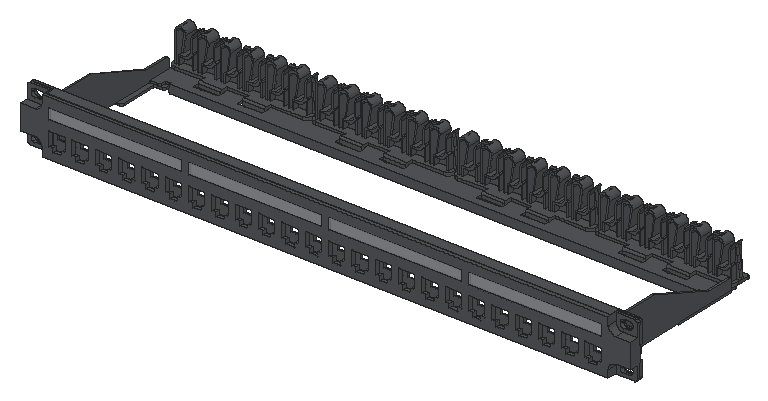
Revit family "Panel de interconexión", category Equipement spécialisé, Revit 2020 (continued)
Dimensions and locks
  aligned and locked: Extrusion 160 sketch curve to plane 642
  aligned and locked: Extrusion 160 sketch curve to plane 638
  aligned and locked: plane 639 to Extrusion 160 sketch curve
  aligned and locked: Extrusion 160 sketch curve to plane 640
  aligned and locked: Extrusion 160 sketch curve to plane 636
  aligned and locked: Extrusion 160 sketch curve to plane 635
  aligned and locked: Extrusion 160 sketch curve to Extrusion 160 sketch curve
  aligned and locked: plane 647 to Extrusion 161 sketch curve
  aligned and locked: Extrusion 161 sketch curve to plane 650
  aligned and locked: Extrusion 161 sketch curve to plane 656
  aligned and locked: Extrusion 161 sketch curve to plane 655
  aligned and locked: Extrusion 161 sketch curve to plane 651
  aligned and locked: plane 652 to Extrusion 161 sketch curve
  aligned and locked: Extrusion 161 sketch curve to plane 653
  aligned and locked: Extrusion 161 sketch curve to plane 649
  aligned and locked: Extrusion 161 sketch curve to plane 648
  aligned and locked: Extrusion 161 sketch curve to Extrusion 161 sketch curve
  aligned and locked: plane 660 to Extrusion 162 sketch curve
  aligned and locked: Extrusion 162 sketch curve to plane 663
  aligned and locked: Extrusion 162 sketch curve to plane 669
  aligned and locked: Extrusion 162 sketch curve to plane 668
  aligned and locked: Extrusion 162 sketch curve to plane 664
  aligned and locked: plane 665 to Extrusion 162 sketch curve
  aligned and locked: Extrusion 162 sketch curve to plane 666
  aligned and locked: Extrusion 162 sketch curve to plane 662
  aligned and locked: Extrusion 162 sketch curve to plane 661
  aligned and locked: Extrusion 162 sketch curve to Extrusion 162 sketch curve
  aligned and locked: plane 673 to Extrusion 163 sketch curve
  aligned and locked: Extrusion 163 sketch curve to plane 676
  aligned and locked: Extrusion 163 sketch curve to plane 682
  aligned and locked: Extrusion 163 sketch curve to plane 681
  aligned and locked: Extrusion 163 sketch curve to plane 677
  aligned and locked: plane 678 to Extrusion 163 sketch curve
  aligned and locked: Extrusion 163 sketch curve to plane 679
  aligned and locked: Extrusion 163 sketch curve to plane 675
  aligned and locked: Extrusion 163 sketch curve to plane 674
  aligned and locked: Extrusion 163 sketch curve to Extrusion 163 sketch curve
  aligned and locked: Extrusion 164 sketch curve to Extrusion 158  (x10)
  aligned and locked: Extrusion 158 to Extrusion 164 sketch curve
  aligned and locked: Extrusion 160 to Extrusion 166 sketch curve
  aligned and locked: Extrusion 167 to Extrusion 161
  aligned and locked: Extrusion 162 to Extrusion 168 sketch curve
  aligned and locked: Extrusion 169 to Extrusion 163
  aligned and locked: plane 685 to Extrusion 158
  aligned and locked: plane 685 to Extrusion 170 sketch curve
  aligned and locked: plane 686 to Extrusion 171 sketch curve
  aligned and locked: plane 687 to Extrusion 172 sketch curve
  aligned and locked: plane 688 to Extrusion 173 sketch curve
  aligned and locked: plane 689 to Extrusion 174 sketch curve
  aligned and locked: Extrusion 175 sketch curve to plane 690
  aligned and locked: plane 692 to Extrusion 175 sketch curve
  aligned and locked: plane 691 to Extrusion 175 sketch curve
  aligned and locked: Extrusion 175 sketch curve to plane 693
  aligned and locked: plane 694 to Extrusion 178 sketch curve
  aligned and locked: plane 696 to Extrusion 175
  aligned and locked: plane 695 to Extrusion 178 sketch curve
  aligned and locked: Extrusion 179 sketch curve to plane 698
  aligned and locked: Extrusion 179 sketch curve to plane 699
  aligned and locked: Extrusion 178 to Extrusion 179 sketch curve  (x2)
  aligned and locked: plane 701 to Extrusion 180 sketch curve
  aligned and locked: Extrusion 180 to Extrusion 178
  aligned and locked: Extrusion 181 sketch curve to plane 702
  aligned and locked: plane 703 to Extrusion 181 sketch curve
  aligned and locked: plane 705 to Extrusion 182 sketch curve
  aligned and locked: Extrusion 182 sketch curve to plane 706
  aligned and locked: Extrusion 181 to Extrusion 182 sketch curve  (x2)
  aligned and locked: Extrusion 183 sketch curve to plane 708
  aligned and locked: Extrusion 183 to Extrusion 181
  aligned and locked: plane 710 to Extrusion 184 sketch curve
  aligned and locked: Extrusion 184 sketch curve to plane 713
  aligned and locked: Extrusion 184 sketch curve to plane 719
  aligned and locked: Extrusion 184 sketch curve to plane 718
  aligned and locked: Extrusion 184 sketch curve to plane 714
  aligned and locked: plane 715 to Extrusion 184 sketch curve
  aligned and locked: Extrusion 184 sketch curve to plane 716
  aligned and locked: Extrusion 184 sketch curve to plane 712
  aligned and locked: Extrusion 184 sketch curve to plane 711
  aligned and locked: Extrusion 184 sketch curve to Extrusion 184 sketch curve
  aligned and locked: plane 723 to Extrusion 185 sketch curve
  aligned and locked: Extrusion 185 sketch curve to plane 726
  aligned and locked: Extrusion 185 sketch curve to plane 732
  aligned and locked: Extrusion 185 sketch curve to plane 731
  aligned and locked: Extrusion 185 sketch curve to plane 727
  aligned and locked: plane 728 to Extrusion 185 sketch curve
  aligned and locked: Extrusion 185 sketch curve to plane 729
  aligned and locked: Extrusion 185 sketch curve to plane 725
  aligned and locked: Extrusion 185 sketch curve to plane 724
  aligned and locked: Extrusion 185 sketch curve to Extrusion 185 sketch curve
  aligned and locked: plane 736 to Extrusion 186 sketch curve
  aligned and locked: Extrusion 186 sketch curve to plane 739
  aligned and locked: Extrusion 186 sketch curve to plane 745
  aligned and locked: Extrusion 186 sketch curve to plane 744
  aligned and locked: Extrusion 186 sketch curve to plane 740
  aligned and locked: plane 741 to Extrusion 186 sketch curve
  aligned and locked: Extrusion 186 sketch curve to plane 742
  aligned and locked: Extrusion 186 sketch curve to plane 738
  aligned and locked: Extrusion 186 sketch curve to plane 737
  aligned and locked: Extrusion 186 sketch curve to Extrusion 186 sketch curve
  aligned and locked: plane 749 to Extrusion 187 sketch curve
  aligned and locked: Extrusion 187 sketch curve to plane 752
  aligned and locked: Extrusion 187 sketch curve to plane 758
  aligned and locked: Extrusion 187 sketch curve to plane 757
  aligned and locked: Extrusion 187 sketch curve to plane 753
  aligned and locked: plane 754 to Extrusion 187 sketch curve
  aligned and locked: Extrusion 187 sketch curve to plane 755
  aligned and locked: Extrusion 187 sketch curve to plane 751
  aligned and locked: Extrusion 187 sketch curve to plane 750
  aligned and locked: Extrusion 187 sketch curve to Extrusion 187 sketch curve
  aligned and locked: plane 762 to Extrusion 188 sketch curve
  aligned and locked: Extrusion 188 sketch curve to plane 765
  aligned and locked: Extrusion 188 sketch curve to plane 771
  aligned and locked: Extrusion 188 sketch curve to plane 770
  aligned and locked: Extrusion 188 sketch curve to plane 766
  aligned and locked: plane 767 to Extrusion 188 sketch curve
  aligned and locked: Extrusion 188 sketch curve to plane 768
  aligned and locked: Extrusion 188 sketch curve to plane 764
  aligned and locked: Extrusion 188 sketch curve to plane 763
  aligned and locked: Extrusion 188 sketch curve to Extrusion 188 sketch curve
  aligned and locked: plane 775 to Extrusion 189 sketch curve
  aligned and locked: Extrusion 189 sketch curve to plane 778
  aligned and locked: Extrusion 189 sketch curve to plane 784
  aligned and locked: Extrusion 189 sketch curve to plane 783
  aligned and locked: Extrusion 189 sketch curve to plane 779
  aligned and locked: plane 780 to Extrusion 189 sketch curve
  aligned and locked: Extrusion 189 sketch curve to plane 781
  aligned and locked: Extrusion 189 sketch curve to plane 777
  aligned and locked: Extrusion 189 sketch curve to plane 776
  aligned and locked: Extrusion 189 sketch curve to Extrusion 189 sketch curve
  aligned and locked: Extrusion 190 sketch curve to Extrusion 184  (x10)
  aligned and locked: Extrusion 184 to Extrusion 190 sketch curve
  aligned and locked: Extrusion 186 to Extrusion 192 sketch curve
  aligned and locked: Extrusion 193 to Extrusion 187
  aligned and locked: Extrusion 188 to Extrusion 194 sketch curve
  aligned and locked: Extrusion 195 to Extrusion 189
  aligned and locked: plane 787 to Extrusion 184
  aligned and locked: plane 787 to Extrusion 196 sketch curve
  aligned and locked: plane 788 to Extrusion 197 sketch curve
  aligned and locked: plane 789 to Extrusion 198 sketch curve
  aligned and locked: plane 790 to Extrusion 199 sketch curve
  aligned and locked: plane 791 to Extrusion 200 sketch curve
  aligned and locked: Extrusion 201 sketch curve to cut or joined group of Extrusion 31, Extrusion 32, Extrusion 33, Extrusion 34, Extrusion 35, Extrusion 36, Extrusion 37, Extrusion 38, Extrusion 39, Extrusion 40, Extrusion 41, Extrusion 42, Extrusion 43, Extrusion 44, Extrusion 45, Extrusion 46, Extrusion 47, Extrusion 48, Extrusion 49, Extrusion 50, Extrusion 51, Extrusion 52, Extrusion 53, Extrusion 54, Extrusion 55, Extrusion 56, Extrusion 57, Extrusion 58, Extrusion 59, Extrusion 60, Extrusion 61, Extrusion 62  (x16)
  aligned and locked: Extrusion 201 to cut or joined group of Extrusion 1, Extrusion 2, Extrusion 3, Extrusion 4, Extrusion 5, Extrusion 6, Extrusion 7, Extrusion 8, Extrusion 9, Extrusion 10, Extrusion 11, Extrusion 12, Extrusion 13, Extrusion 14, Extrusion 15, Extrusion 16, Extrusion 17, Extrusion 18, Extrusion 19, Extrusion 20, Extrusion 21, Extrusion 22, Extrusion 23, Extrusion 24, Extrusion 25, Extrusion 26, Extrusion 27, Extrusion 28, Extrusion 29, Extrusion 30, Extrusion 32
Automatic sketch dimensions
  Extrusion 7 sketch curve to Extrusion 7 sketch curve = 5.4 mm
  Extrusion 7 sketch curve to Extrusion 7 sketch curve = 4 mm
  Extrusion 7 sketch curve to Extrusion 7 sketch curve = 14.8 mm
  Extrusion 7 sketch curve to Extrusion 7 sketch curve = 20.6 mm
  Extrusion 7 sketch curve to Extrusion 7 sketch curve = 0 mm
  Extrusion 7 sketch curve to Extrusion 7 sketch curve = 2.1 mm
  Extrusion 8 sketch curve to Extrusion 8 sketch curve = 5.4 mm
  Extrusion 8 sketch curve to Extrusion 8 sketch curve = 4 mm
  Extrusion 8 sketch curve to Extrusion 8 sketch curve = 14.8 mm
  Extrusion 8 sketch curve to Extrusion 8 sketch curve = 20.6 mm
  Extrusion 8 sketch curve to Extrusion 8 sketch curve = 0 mm
  Extrusion 8 sketch curve to Extrusion 8 sketch curve = 2.1 mm
  Extrusion 9 sketch curve to Extrusion 9 sketch curve = 5.4 mm
  Extrusion 9 sketch curve to Extrusion 9 sketch curve = 4 mm
  Extrusion 9 sketch curve to Extrusion 9 sketch curve = 14.8 mm
  Extrusion 9 sketch curve to Extrusion 9 sketch curve = 20.6 mm
  Extrusion 9 sketch curve to Extrusion 9 sketch curve = 0 mm
  Extrusion 9 sketch curve to Extrusion 9 sketch curve = 2.1 mm
  Extrusion 10 sketch curve to Extrusion 10 sketch curve = 5.4 mm
  Extrusion 10 sketch curve to Extrusion 10 sketch curve = 4 mm
  Extrusion 10 sketch curve to Extrusion 10 sketch curve = 14.8 mm
  Extrusion 10 sketch curve to Extrusion 10 sketch curve = 20.6 mm
  Extrusion 10 sketch curve to Extrusion 10 sketch curve = 0 mm
  Extrusion 10 sketch curve to Extrusion 10 sketch curve = 2.1 mm
  Extrusion 11 sketch curve to Extrusion 11 sketch curve = 5.4 mm
  Extrusion 11 sketch curve to Extrusion 11 sketch curve = 4 mm
  Extrusion 11 sketch curve to Extrusion 11 sketch curve = 14.8 mm
  Extrusion 11 sketch curve to Extrusion 11 sketch curve = 20.6 mm
  Extrusion 11 sketch curve to Extrusion 11 sketch curve = 0 mm
  Extrusion 11 sketch curve to Extrusion 11 sketch curve = 2.1 mm
  Extrusion 12 sketch curve to Extrusion 12 sketch curve = 5.4 mm
  Extrusion 12 sketch curve to Extrusion 12 sketch curve = 4 mm
  Extrusion 12 sketch curve to Extrusion 12 sketch curve = 14.8 mm
  Extrusion 12 sketch curve to Extrusion 12 sketch curve = 20.6 mm
  Extrusion 12 sketch curve to Extrusion 12 sketch curve = 0 mm
  Extrusion 12 sketch curve to Extrusion 12 sketch curve = 2.1 mm
  Extrusion 13 sketch curve to Extrusion 13 sketch curve = 5.4 mm
  Extrusion 13 sketch curve to Extrusion 13 sketch curve = 4 mm
  Extrusion 13 sketch curve to Extrusion 13 sketch curve = 14.8 mm
  Extrusion 13 sketch curve to Extrusion 13 sketch curve = 20.6 mm
  Extrusion 13 sketch curve to Extrusion 13 sketch curve = 0 mm
  Extrusion 13 sketch curve to Extrusion 13 sketch curve = 2.1 mm
  Extrusion 14 sketch curve to Extrusion 14 sketch curve = 5.4 mm
  Extrusion 14 sketch curve to Extrusion 14 sketch curve = 4 mm
  Extrusion 14 sketch curve to Extrusion 14 sketch curve = 14.8 mm
  Extrusion 14 sketch curve to Extrusion 14 sketch curve = 20.6 mm
  Extrusion 14 sketch curve to Extrusion 14 sketch curve = 0 mm
  Extrusion 14 sketch curve to Extrusion 14 sketch curve = 2.1 mm
  Extrusion 15 sketch curve to Extrusion 15 sketch curve = 5.4 mm
  Extrusion 15 sketch curve to Extrusion 15 sketch curve = 4 mm
  Extrusion 15 sketch curve to Extrusion 15 sketch curve = 14.8 mm
  Extrusion 15 sketch curve to Extrusion 15 sketch curve = 20.6 mm
  Extrusion 15 sketch curve to Extrusion 15 sketch curve = 0 mm
  Extrusion 15 sketch curve to Extrusion 15 sketch curve = 2.1 mm
  Extrusion 16 sketch curve to Extrusion 16 sketch curve = 5.4 mm
  Extrusion 16 sketch curve to Extrusion 16 sketch curve = 4 mm
  Extrusion 16 sketch curve to Extrusion 16 sketch curve = 14.8 mm
  Extrusion 16 sketch curve to Extrusion 16 sketch curve = 20.6 mm
  Extrusion 16 sketch curve to Extrusion 16 sketch curve = 0 mm
  Extrusion 16 sketch curve to Extrusion 16 sketch curve = 2.1 mm
  Extrusion 17 sketch curve to Extrusion 17 sketch curve = 5.4 mm
  Extrusion 17 sketch curve to Extrusion 17 sketch curve = 4 mm
  Extrusion 17 sketch curve to Extrusion 17 sketch curve = 14.8 mm
  Extrusion 17 sketch curve to Extrusion 17 sketch curve = 20.6 mm
  Extrusion 17 sketch curve to Extrusion 17 sketch curve = 0 mm
  Extrusion 17 sketch curve to Extrusion 17 sketch curve = 2.1 mm
  Extrusion 18 sketch curve to Extrusion 18 sketch curve = 5.4 mm
  Extrusion 18 sketch curve to Extrusion 18 sketch curve = 4 mm
  Extrusion 18 sketch curve to Extrusion 18 sketch curve = 14.8 mm
  Extrusion 18 sketch curve to Extrusion 18 sketch curve = 20.6 mm
  Extrusion 18 sketch curve to Extrusion 18 sketch curve = 0 mm
  Extrusion 18 sketch curve to Extrusion 18 sketch curve = 2.1 mm
  Extrusion 19 sketch curve to Extrusion 19 sketch curve = 5.4 mm
  Extrusion 19 sketch curve to Extrusion 19 sketch curve = 4 mm
  Extrusion 19 sketch curve to Extrusion 19 sketch curve = 14.8 mm
  Extrusion 19 sketch curve to Extrusion 19 sketch curve = 20.6 mm
  Extrusion 19 sketch curve to Extrusion 19 sketch curve = 0 mm
  Extrusion 19 sketch curve to Extrusion 19 sketch curve = 2.1 mm
  Extrusion 20 sketch curve to Extrusion 20 sketch curve = 5.4 mm
  Extrusion 20 sketch curve to Extrusion 20 sketch curve = 4 mm
  Extrusion 20 sketch curve to Extrusion 20 sketch curve = 14.8 mm
  Extrusion 20 sketch curve to Extrusion 20 sketch curve = 20.6 mm
  Extrusion 20 sketch curve to Extrusion 20 sketch curve = 0 mm
  Extrusion 20 sketch curve to Extrusion 20 sketch curve = 2.1 mm
  Extrusion 21 sketch curve to Extrusion 21 sketch curve = 5.4 mm
  Extrusion 21 sketch curve to Extrusion 21 sketch curve = 4 mm
  Extrusion 21 sketch curve to Extrusion 21 sketch curve = 14.8 mm
  Extrusion 21 sketch curve to Extrusion 21 sketch curve = 20.6 mm
  Extrusion 21 sketch curve to Extrusion 21 sketch curve = 0 mm
  Extrusion 21 sketch curve to Extrusion 21 sketch curve = 2.1 mm
  Extrusion 22 sketch curve to Extrusion 22 sketch curve = 5.4 mm
  Extrusion 22 sketch curve to Extrusion 22 sketch curve = 4 mm
  Extrusion 22 sketch curve to Extrusion 22 sketch curve = 14.8 mm
  Extrusion 22 sketch curve to Extrusion 22 sketch curve = 20.6 mm
  Extrusion 22 sketch curve to Extrusion 22 sketch curve = 0 mm
  Extrusion 22 sketch curve to Extrusion 22 sketch curve = 2.1 mm
  Extrusion 23 sketch curve to Extrusion 23 sketch curve = 5.4 mm
  Extrusion 23 sketch curve to Extrusion 23 sketch curve = 4 mm
  Extrusion 23 sketch curve to Extrusion 23 sketch curve = 14.8 mm
  Extrusion 23 sketch curve to Extrusion 23 sketch curve = 20.6 mm
  Extrusion 23 sketch curve to Extrusion 23 sketch curve = 0 mm
  Extrusion 23 sketch curve to Extrusion 23 sketch curve = 2.1 mm
  Extrusion 24 sketch curve to Extrusion 24 sketch curve = 5.4 mm
  Extrusion 24 sketch curve to Extrusion 24 sketch curve = 4 mm
  Extrusion 24 sketch curve to Extrusion 24 sketch curve = 14.8 mm
  Extrusion 24 sketch curve to Extrusion 24 sketch curve = 20.6 mm
  Extrusion 24 sketch curve to Extrusion 24 sketch curve = 0 mm
  Extrusion 24 sketch curve to Extrusion 24 sketch curve = 2.1 mm
  Extrusion 25 sketch curve to Extrusion 25 sketch curve = 5.4 mm
  Extrusion 25 sketch curve to Extrusion 25 sketch curve = 4 mm
  Extrusion 25 sketch curve to Extrusion 25 sketch curve = 14.8 mm
  Extrusion 25 sketch curve to Extrusion 25 sketch curve = 20.6 mm
  Extrusion 25 sketch curve to Extrusion 25 sketch curve = 0 mm
  Extrusion 25 sketch curve to Extrusion 25 sketch curve = 2.1 mm
  Extrusion 26 sketch curve to Extrusion 26 sketch curve = 5.4 mm
  Extrusion 26 sketch curve to Extrusion 26 sketch curve = 4 mm
  Extrusion 26 sketch curve to Extrusion 26 sketch curve = 14.8 mm
  Extrusion 26 sketch curve to Extrusion 26 sketch curve = 20.6 mm
  Extrusion 26 sketch curve to Extrusion 26 sketch curve = 0 mm
  Extrusion 26 sketch curve to Extrusion 26 sketch curve = 2.1 mm
  Extrusion 27 sketch curve to Extrusion 27 sketch curve = 5.4 mm
  Extrusion 27 sketch curve to Extrusion 27 sketch curve = 4 mm
  Extrusion 27 sketch curve to Extrusion 27 sketch curve = 14.8 mm
  Extrusion 27 sketch curve to Extrusion 27 sketch curve = 20.6 mm
  Extrusion 27 sketch curve to Extrusion 27 sketch curve = 0 mm
  Extrusion 27 sketch curve to Extrusion 27 sketch curve = 2.1 mm
  Extrusion 28 sketch curve to Extrusion 28 sketch curve = 5.4 mm
  Extrusion 28 sketch curve to Extrusion 28 sketch curve = 4 mm
  Extrusion 28 sketch curve to Extrusion 28 sketch curve = 14.8 mm
  Extrusion 28 sketch curve to Extrusion 28 sketch curve = 20.6 mm
  Extrusion 28 sketch curve to Extrusion 28 sketch curve = 0 mm
  Extrusion 28 sketch curve to Extrusion 28 sketch curve = 2.1 mm
  Extrusion 29 sketch curve to Extrusion 29 sketch curve = 5.4 mm
  Extrusion 29 sketch curve to Extrusion 29 sketch curve = 4 mm
  Extrusion 29 sketch curve to Extrusion 29 sketch curve = 14.8 mm
  Extrusion 29 sketch curve to Extrusion 29 sketch curve = 20.6 mm
  Extrusion 29 sketch curve to Extrusion 29 sketch curve = 0 mm
  Extrusion 29 sketch curve to Extrusion 29 sketch curve = 2.1 mm
  Extrusion 30 sketch curve to Extrusion 30 sketch curve = 5.4 mm
  Extrusion 30 sketch curve to Extrusion 30 sketch curve = 4 mm
  Extrusion 30 sketch curve to Extrusion 30 sketch curve = 14.8 mm
  Extrusion 30 sketch curve to Extrusion 30 sketch curve = 20.6 mm
  Extrusion 30 sketch curve to Extrusion 30 sketch curve = 0 mm
  Extrusion 30 sketch curve to Extrusion 30 sketch curve = 2.1 mm
  plane 51 to Extrusion 35 sketch curve = 3.2 mm  (x2)
  plane 57 to Extrusion 36 sketch curve = 3.2 mm  (x2)
  plane 63 to Extrusion 37 sketch curve = 3.2 mm  (x2)
  plane 69 to Extrusion 38 sketch curve = 3.2 mm  (x2)
  plane 75 to Extrusion 39 sketch curve = 3.2 mm  (x2)
  plane 81 to Extrusion 40 sketch curve = 3.2 mm  (x2)
  plane 87 to Extrusion 41 sketch curve = 3.2 mm  (x2)
  plane 93 to Extrusion 42 sketch curve = 3.2 mm  (x2)
  plane 99 to Extrusion 43 sketch curve = 3.2 mm  (x2)
  plane 105 to Extrusion 44 sketch curve = 3.2 mm  (x2)
  plane 111 to Extrusion 45 sketch curve = 3.2 mm  (x2)
  plane 117 to Extrusion 46 sketch curve = 3.2 mm  (x2)
  plane 123 to Extrusion 47 sketch curve = 3.2 mm  (x2)
  plane 129 to Extrusion 48 sketch curve = 3.2 mm  (x2)
  plane 135 to Extrusion 49 sketch curve = 3.2 mm  (x2)
  plane 141 to Extrusion 50 sketch curve = 3.2 mm  (x2)
  plane 147 to Extrusion 51 sketch curve = 3.2 mm  (x2)
  plane 153 to Extrusion 52 sketch curve = 3.2 mm  (x2)
  plane 159 to Extrusion 53 sketch curve = 3.2 mm  (x2)
  plane 165 to Extrusion 54 sketch curve = 3.2 mm  (x2)
  plane 171 to Extrusion 55 sketch curve = 3.2 mm  (x2)
  plane 177 to Extrusion 56 sketch curve = 3.2 mm  (x2)
  plane 183 to Extrusion 57 sketch curve = 3.2 mm  (x2)
  plane 189 to Extrusion 58 sketch curve = 3.2 mm  (x2)
  Extrusion 106 sketch curve to Extrusion 106 sketch curve = 0 mm  (x2)
  Extrusion 106 sketch curve to plane 402 = 0 mm
  Extrusion 106 sketch curve to plane 404 = 0 mm
  plane 404 to Extrusion 106 sketch curve = 0 mm
  Extrusion 106 sketch curve to plane 408 = 0 mm  (x2)
  plane 412 to Extrusion 106 sketch curve = 0.3 mm
  Extrusion 106 sketch curve to plane 402 = 0.36 mm
  plane 404 to Extrusion 106 sketch curve = 0.2 mm
  Extrusion 106 sketch curve to plane 404 = 0.3 mm
  plane 408 to Extrusion 106 sketch curve = 0.465 mm
  Extrusion 106 sketch curve to plane 401 = 0.42 mm
  Extrusion 106 sketch curve to Extrusion 106 sketch curve = 1.189 mm
  Extrusion 106 sketch curve to plane 409 = 0.2 mm
  Extrusion 106 sketch curve to Extrusion 106 sketch curve = 1.215 mm
  plane 409 to Extrusion 106 sketch curve = 4.3 mm
  plane 412 to Extrusion 106 sketch curve = 1 mm  (x2)
  plane 409 to Extrusion 106 sketch curve = 3.8 mm
  Extrusion 106 sketch curve to Extrusion 106 sketch curve = 1.2 mm
  Extrusion 106 sketch curve to Extrusion 106 sketch curve = 0.1 mm
  Extrusion 106 sketch curve to plane 412 = 1.163 mm
  Extrusion 106 sketch curve to plane 410 = 5.8 mm  (x2)
  Extrusion 107 sketch curve to Extrusion 107 sketch curve = 0 mm  (x2)
  Extrusion 107 sketch curve to plane 415 = 0 mm
  Extrusion 107 sketch curve to plane 417 = 0 mm
  plane 417 to Extrusion 107 sketch curve = 0 mm
  Extrusion 107 sketch curve to plane 421 = 0 mm  (x2)
  plane 425 to Extrusion 107 sketch curve = 0.3 mm
  Extrusion 107 sketch curve to plane 415 = 0.36 mm
  plane 417 to Extrusion 107 sketch curve = 0.2 mm
  Extrusion 107 sketch curve to plane 417 = 0.3 mm
  plane 421 to Extrusion 107 sketch curve = 0.465 mm
  Extrusion 107 sketch curve to plane 414 = 0.42 mm
  Extrusion 107 sketch curve to Extrusion 107 sketch curve = 1.189 mm
  Extrusion 107 sketch curve to plane 422 = 0.2 mm
  Extrusion 107 sketch curve to Extrusion 107 sketch curve = 1.215 mm
  plane 422 to Extrusion 107 sketch curve = 4.3 mm
  plane 425 to Extrusion 107 sketch curve = 1 mm  (x2)
  plane 422 to Extrusion 107 sketch curve = 3.8 mm
  Extrusion 107 sketch curve to Extrusion 107 sketch curve = 1.2 mm
  Extrusion 107 sketch curve to Extrusion 107 sketch curve = 0.1 mm
  Extrusion 107 sketch curve to plane 425 = 1.163 mm
  Extrusion 107 sketch curve to plane 423 = 5.8 mm  (x2)
  Extrusion 108 sketch curve to Extrusion 108 sketch curve = 0 mm  (x2)
  Extrusion 108 sketch curve to plane 428 = 0 mm
  Extrusion 108 sketch curve to plane 430 = 0 mm
  plane 430 to Extrusion 108 sketch curve = 0 mm
  Extrusion 108 sketch curve to plane 434 = 0 mm  (x2)
  plane 438 to Extrusion 108 sketch curve = 0.3 mm
  Extrusion 108 sketch curve to plane 428 = 0.36 mm
  plane 430 to Extrusion 108 sketch curve = 0.2 mm
  Extrusion 108 sketch curve to plane 430 = 0.3 mm
  plane 434 to Extrusion 108 sketch curve = 0.465 mm
  Extrusion 108 sketch curve to plane 427 = 0.42 mm
  Extrusion 108 sketch curve to Extrusion 108 sketch curve = 1.189 mm
  Extrusion 108 sketch curve to plane 435 = 0.2 mm
  Extrusion 108 sketch curve to Extrusion 108 sketch curve = 1.215 mm
  plane 435 to Extrusion 108 sketch curve = 4.3 mm
  plane 438 to Extrusion 108 sketch curve = 1 mm  (x2)
  plane 435 to Extrusion 108 sketch curve = 3.8 mm
  Extrusion 108 sketch curve to Extrusion 108 sketch curve = 1.2 mm
  Extrusion 108 sketch curve to Extrusion 108 sketch curve = 0.1 mm
  Extrusion 108 sketch curve to plane 438 = 1.163 mm
  Extrusion 108 sketch curve to plane 436 = 5.8 mm  (x2)
  Extrusion 109 sketch curve to Extrusion 109 sketch curve = 0 mm  (x2)
  Extrusion 109 sketch curve to plane 441 = 0 mm
  Extrusion 109 sketch curve to plane 443 = 0 mm
  plane 443 to Extrusion 109 sketch curve = 0 mm
  Extrusion 109 sketch curve to plane 447 = 0 mm  (x2)
  plane 451 to Extrusion 109 sketch curve = 0.3 mm
  Extrusion 109 sketch curve to plane 441 = 0.36 mm
  plane 443 to Extrusion 109 sketch curve = 0.2 mm
  Extrusion 109 sketch curve to plane 443 = 0.3 mm
  plane 447 to Extrusion 109 sketch curve = 0.465 mm
  Extrusion 109 sketch curve to plane 440 = 0.42 mm
  Extrusion 109 sketch curve to Extrusion 109 sketch curve = 1.189 mm
  Extrusion 109 sketch curve to plane 448 = 0.2 mm
  Extrusion 109 sketch curve to Extrusion 109 sketch curve = 1.215 mm
  plane 448 to Extrusion 109 sketch curve = 4.3 mm
  plane 451 to Extrusion 109 sketch curve = 1 mm  (x2)
  plane 448 to Extrusion 109 sketch curve = 3.8 mm
  Extrusion 109 sketch curve to Extrusion 109 sketch curve = 1.2 mm
  Extrusion 109 sketch curve to Extrusion 109 sketch curve = 0.1 mm
  Extrusion 109 sketch curve to plane 451 = 1.163 mm
  Extrusion 109 sketch curve to plane 449 = 5.8 mm  (x2)
  Extrusion 110 sketch curve to Extrusion 110 sketch curve = 0 mm  (x2)
  Extrusion 110 sketch curve to plane 454 = 0 mm
  Extrusion 110 sketch curve to plane 456 = 0 mm
  plane 456 to Extrusion 110 sketch curve = 0 mm
  Extrusion 110 sketch curve to plane 460 = 0 mm  (x2)
  plane 464 to Extrusion 110 sketch curve = 0.3 mm
  Extrusion 110 sketch curve to plane 454 = 0.36 mm
  plane 456 to Extrusion 110 sketch curve = 0.2 mm
  Extrusion 110 sketch curve to plane 456 = 0.3 mm
  plane 460 to Extrusion 110 sketch curve = 0.465 mm
  Extrusion 110 sketch curve to plane 453 = 0.42 mm
  Extrusion 110 sketch curve to Extrusion 110 sketch curve = 1.189 mm
  Extrusion 110 sketch curve to plane 461 = 0.2 mm
  Extrusion 110 sketch curve to Extrusion 110 sketch curve = 1.215 mm
  plane 461 to Extrusion 110 sketch curve = 4.3 mm
  plane 464 to Extrusion 110 sketch curve = 1 mm  (x2)
  plane 461 to Extrusion 110 sketch curve = 3.8 mm
  Extrusion 110 sketch curve to Extrusion 110 sketch curve = 1.2 mm
  Extrusion 110 sketch curve to Extrusion 110 sketch curve = 0.1 mm
  Extrusion 110 sketch curve to plane 464 = 1.163 mm
  Extrusion 110 sketch curve to plane 462 = 5.8 mm  (x2)
  Extrusion 111 sketch curve to Extrusion 111 sketch curve = 0 mm  (x2)
  Extrusion 111 sketch curve to plane 467 = 0 mm
  Extrusion 111 sketch curve to plane 469 = 0 mm
  plane 469 to Extrusion 111 sketch curve = 0 mm
  Extrusion 111 sketch curve to plane 473 = 0 mm  (x2)
  plane 477 to Extrusion 111 sketch curve = 0.3 mm
  Extrusion 111 sketch curve to plane 467 = 0.36 mm
  plane 469 to Extrusion 111 sketch curve = 0.2 mm
  Extrusion 111 sketch curve to plane 469 = 0.3 mm
  plane 473 to Extrusion 111 sketch curve = 0.465 mm
  Extrusion 111 sketch curve to plane 466 = 0.42 mm
  Extrusion 111 sketch curve to Extrusion 111 sketch curve = 1.189 mm
  Extrusion 111 sketch curve to plane 474 = 0.2 mm
  Extrusion 111 sketch curve to Extrusion 111 sketch curve = 1.215 mm
  plane 474 to Extrusion 111 sketch curve = 4.3 mm
  plane 477 to Extrusion 111 sketch curve = 1 mm  (x2)
  plane 474 to Extrusion 111 sketch curve = 3.8 mm
  Extrusion 111 sketch curve to Extrusion 111 sketch curve = 1.2 mm
  Extrusion 111 sketch curve to Extrusion 111 sketch curve = 0.1 mm
  Extrusion 111 sketch curve to plane 477 = 1.163 mm
  Extrusion 111 sketch curve to plane 475 = 5.8 mm  (x2)
  plane 7 to Extrusion 1 sketch curve = 0 mm
  plane 22 to Extrusion 1 sketch curve = 1 mm
  Extrusion 1 sketch curve to plane 4 = 2.5 mm
  plane 15 to Extrusion 2 sketch curve = 3 mm  (x3)
  Extrusion 2 sketch curve to Extrusion 2 sketch curve = 0 mm
  Extrusion 2 sketch curve to plane 13 = 2.6 mm  (x4)
  Extrusion 3 sketch curve to plane 1 "Centre (avant/arrière)" = 0 mm  (x2)
  Extrusion 3 sketch curve to level = 0 mm
  Extrusion 3 sketch curve to plane 5 = 0 mm
  Extrusion 4 sketch curve to plane 13 = 0 mm
  Extrusion 4 sketch curve to plane 6 = 0 mm
  plane 1 "Centre (avant/arrière)" to Extrusion 4 sketch curve = 0 mm
  plane 1 "Centre (avant/arrière)" to Extrusion 4 sketch curve = 0.3 mm
  plane 1 "Centre (avant/arrière)" to Extrusion 4 sketch curve = 0.273 mm
  Extrusion 5 sketch curve to plane 4 = 0 mm
  Extrusion 5 sketch curve to plane 12 = 0 mm
  Extrusion 5 sketch curve to plane 11 = 0 mm
  Extrusion 5 sketch curve to Extrusion 5 sketch curve = 3 mm  (x2)
  Extrusion 5 sketch curve to plane 29 = 3 mm  (x2)
  Extrusion 5 sketch curve to Extrusion 5 sketch curve = 0 mm
  plane 30 to Extrusion 5 sketch curve = 3 mm  (x2)
  Extrusion 5 sketch curve to Extrusion 5 sketch curve = 0.478 mm
  plane 30 to Extrusion 5 sketch curve = 0.4 mm
  Extrusion 5 sketch curve to Extrusion 5 sketch curve = 2.425 mm
  Extrusion 6 sketch curve to plane 6 = 0 mm
  plane 1 "Centre (avant/arrière)" to Extrusion 6 sketch curve = 0 mm
  plane 35 to Extrusion 6 sketch curve = 0.75 mm
  plane 1 "Centre (avant/arrière)" to Extrusion 6 sketch curve = 0.3 mm
  plane 1 "Centre (avant/arrière)" to Extrusion 6 sketch curve = 0.273 mm
  Extrusion 31 sketch curve to plane 3 = 0 mm
  Extrusion 31 sketch curve to plane 8 = 0 mm
  Extrusion 31 sketch curve to plane 4 = 0 mm
  Extrusion 31 sketch curve to plane 23 = 0 mm
  Extrusion 31 sketch curve to plane 6 = 0 mm  (x2)
  Extrusion 32 sketch curve to plane 5 = 0 mm
  Extrusion 32 sketch curve to plane 7 = 0 mm
  plane 7 to Extrusion 32 sketch curve = 0 mm
  Extrusion 32 sketch curve to level = 0 mm
  Extrusion 33 sketch curve to plane 4 = 0 mm  (x2)
  Extrusion 33 sketch curve to level = 0 mm
  Extrusion 33 sketch curve to plane 5 = 0 mm
  plane 587 to Extrusion 33 sketch curve = 6.1 mm  (x2)
  Extrusion 33 sketch curve to plane 41 = 2.568 mm
  Extrusion 33 sketch curve to plane 21 = 4.765 mm
  Extrusion 34 sketch curve to Extrusion 32 = 0 mm  (x10)
  Extrusion 34 sketch curve to Extrusion 34 sketch curve = 2.5 mm  (x4)
  Extrusion 34 sketch curve to Extrusion 34 sketch curve = 0.7 mm  (x4)
  Extrusion 34 sketch curve to Extrusion 34 sketch curve = 3 mm  (x6)
  Extrusion 34 sketch curve to Extrusion 34 sketch curve = 0 mm  (x17)
  Extrusion 32 to Extrusion 34 sketch curve = 2.6 mm  (x3)
  Extrusion 34 sketch curve to Extrusion 34 sketch curve = 3.7 mm
  Extrusion 34 sketch curve to Extrusion 34 sketch curve = 4.3 mm  (x4)
  Extrusion 32 to Extrusion 34 sketch curve = 5.865 mm  (x2)
  Extrusion 34 sketch curve to Extrusion 32 = 451.6 mm
  Extrusion 32 to Extrusion 34 sketch curve = 2.865 mm  (x2)
  Extrusion 32 to Extrusion 34 sketch curve = 2.5 mm  (x2)
  Extrusion 34 sketch curve to Extrusion 34 sketch curve = 0.8 mm  (x2)
  Extrusion 63 sketch curve to plane 214 = 0 mm
  Extrusion 63 sketch curve to plane 1 "Centre (avant/arrière)" = 1.5 mm  (x2)
  Extrusion 63 sketch curve to plane 208 = 1.5 mm
  Extrusion 63 sketch curve to plane 210 = 1.5 mm
  Extrusion 63 to Extrusion 64 sketch curve = 1.5 mm
  Extrusion 63 to Extrusion 64 sketch curve = 2.5 mm
  Extrusion 64 sketch curve to Extrusion 64 sketch curve = 1.5 mm  (x3)
  Extrusion 65 sketch curve to plane 1 "Centre (avant/arrière)" = 0 mm
  Extrusion 65 sketch curve to plane 227 = 0 mm
  Extrusion 65 sketch curve to plane 1 "Centre (avant/arrière)" = 1.5 mm  (x2)
  Extrusion 65 sketch curve to plane 221 = 1.5 mm
  Extrusion 65 sketch curve to plane 223 = 1.5 mm
  Extrusion 66 sketch curve to Extrusion 65 = 0 mm
  Extrusion 66 sketch curve to Extrusion 66 sketch curve = 1.5 mm  (x4)
  Extrusion 66 sketch curve to Extrusion 66 sketch curve = 2 mm
  Extrusion 67 sketch curve to Extrusion 67 sketch curve = 1 mm  (x5)
  Extrusion 67 sketch curve to Extrusion 64 = 1 mm  (x2)
  Extrusion 67 sketch curve to Extrusion 67 sketch curve = 8.475 mm
  Extrusion 67 sketch curve to Extrusion 67 sketch curve = 6.475 mm
  Extrusion 67 sketch curve to Extrusion 67 sketch curve = 3.5 mm
  Extrusion 68 sketch curve to Extrusion 68 sketch curve = 1 mm  (x2)
  Extrusion 69 sketch curve to Extrusion 69 sketch curve = 1 mm  (x7)
  Extrusion 69 sketch curve to Extrusion 69 sketch curve = 16 mm
  Extrusion 69 sketch curve to Extrusion 69 sketch curve = 0 mm
  Extrusion 67 to Extrusion 69 sketch curve = 5 mm
  Extrusion 69 sketch curve to Extrusion 69 sketch curve = 4 mm
  Extrusion 70 sketch curve to Extrusion 70 sketch curve = 1 mm  (x6)
  Extrusion 70 sketch curve to Extrusion 70 sketch curve = 16 mm
  Extrusion 70 sketch curve to Extrusion 70 sketch curve = 0 mm  (x2)
  Extrusion 70 sketch curve to Extrusion 70 sketch curve = 17.63 mm
  Extrusion 67 to Extrusion 70 sketch curve = 5 mm
  Extrusion 70 sketch curve to Extrusion 70 sketch curve = 4 mm
  Extrusion 71 sketch curve to Extrusion 71 sketch curve = 1 mm  (x6)
  Extrusion 71 sketch curve to Extrusion 71 sketch curve = 16 mm
  Extrusion 71 sketch curve to Extrusion 71 sketch curve = 0 mm  (x2)
  Extrusion 71 sketch curve to Extrusion 71 sketch curve = 17.63 mm
  Extrusion 67 to Extrusion 71 sketch curve = 10 mm
  Extrusion 71 sketch curve to Extrusion 71 sketch curve = 4 mm
  Extrusion 72 sketch curve to Extrusion 72 sketch curve = 1 mm  (x6)
  Extrusion 72 sketch curve to Extrusion 72 sketch curve = 16 mm
  Extrusion 72 sketch curve to Extrusion 72 sketch curve = 0 mm  (x2)
  Extrusion 72 sketch curve to Extrusion 72 sketch curve = 17.63 mm
  Extrusion 67 to Extrusion 72 sketch curve = 10 mm
  Extrusion 72 sketch curve to Extrusion 72 sketch curve = 4 mm
  Extrusion 73 sketch curve to Extrusion 73 sketch curve = 1 mm  (x5)
  Extrusion 67 to Extrusion 74 sketch curve = 0 mm
  Extrusion 74 sketch curve to Extrusion 74 sketch curve = 1 mm  (x5)
  Extrusion 67 to Extrusion 75 sketch curve = 0 mm
  Extrusion 75 sketch curve to Extrusion 75 sketch curve = 1 mm  (x5)
  Extrusion 67 to Extrusion 76 sketch curve = 0 mm
  Extrusion 76 sketch curve to Extrusion 76 sketch curve = 1 mm  (x5)
  Extrusion 67 to Extrusion 77 sketch curve = 0 mm
  Extrusion 77 sketch curve to Extrusion 77 sketch curve = 1 mm  (x5)
  Extrusion 67 to Extrusion 78 sketch curve = 0 mm
  Extrusion 78 sketch curve to Extrusion 78 sketch curve = 1 mm  (x5)
  Extrusion 67 to Extrusion 79 sketch curve = 0 mm
  Extrusion 79 sketch curve to Extrusion 79 sketch curve = 1 mm  (x5)
  Extrusion 67 to Extrusion 80 sketch curve = 0 mm
  Extrusion 80 sketch curve to Extrusion 80 sketch curve = 1 mm  (x5)
  Extrusion 67 to Extrusion 81 sketch curve = 0 mm
  Extrusion 81 sketch curve to Extrusion 81 sketch curve = 1 mm  (x5)
  Extrusion 67 to Extrusion 82 sketch curve = 0 mm
  Extrusion 82 sketch curve to Extrusion 82 sketch curve = 1 mm  (x5)
  Extrusion 67 to Extrusion 83 sketch curve = 0 mm
  Extrusion 83 sketch curve to Extrusion 83 sketch curve = 1 mm  (x5)
  Extrusion 67 to Extrusion 84 sketch curve = 0 mm
  Extrusion 84 sketch curve to Extrusion 84 sketch curve = 1 mm  (x5)
  Extrusion 67 to Extrusion 85 sketch curve = 0 mm
  Extrusion 85 sketch curve to Extrusion 85 sketch curve = 1 mm  (x5)
  Extrusion 67 to Extrusion 86 sketch curve = 0 mm
  Extrusion 86 sketch curve to Extrusion 86 sketch curve = 1 mm  (x5)
  Extrusion 67 to Extrusion 87 sketch curve = 0 mm
  Extrusion 87 sketch curve to Extrusion 87 sketch curve = 1 mm  (x5)
  Extrusion 67 to Extrusion 88 sketch curve = 0 mm
  Extrusion 88 sketch curve to Extrusion 88 sketch curve = 1 mm  (x5)
  Extrusion 67 to Extrusion 89 sketch curve = 0 mm
  Extrusion 89 sketch curve to Extrusion 89 sketch curve = 1 mm  (x5)
  Extrusion 67 to Extrusion 90 sketch curve = 0 mm
  Extrusion 90 sketch curve to Extrusion 90 sketch curve = 1 mm  (x5)
  Extrusion 67 to Extrusion 91 sketch curve = 0 mm
  Extrusion 91 sketch curve to Extrusion 91 sketch curve = 1 mm  (x5)
  Extrusion 67 to Extrusion 92 sketch curve = 0 mm
  Extrusion 92 sketch curve to Extrusion 92 sketch curve = 1 mm  (x5)
  Extrusion 67 to Extrusion 93 sketch curve = 0 mm
  Extrusion 93 sketch curve to Extrusion 93 sketch curve = 1 mm  (x5)
  Extrusion 67 to Extrusion 94 sketch curve = 0 mm
  Extrusion 94 sketch curve to Extrusion 94 sketch curve = 1 mm  (x5)
  Extrusion 67 to Extrusion 95 sketch curve = 0 mm
  Extrusion 95 sketch curve to Extrusion 95 sketch curve = 1 mm  (x5)
  Extrusion 67 to Extrusion 96 sketch curve = 0 mm
  Extrusion 96 sketch curve to Extrusion 96 sketch curve = 1 mm  (x5)
  Extrusion 97 sketch curve to Extrusion 67 = 0.9 mm
  Extrusion 97 sketch curve to Extrusion 67 = 3.9 mm
  Extrusion 97 sketch curve to Extrusion 67 = 1 mm
  Extrusion 97 sketch curve to Extrusion 97 sketch curve = 2 mm
  plane 41 to Extrusion 98 sketch curve = 1.267 mm
  Extrusion 98 sketch curve to plane 478 = 14.465 mm
  Extrusion 98 sketch curve to Extrusion 98 sketch curve = 1.5 mm  (x2)
  Extrusion 98 sketch curve to Extrusion 98 sketch curve = 0.5 mm
  Extrusion 98 sketch curve to Extrusion 98 sketch curve = 2.5 mm
  Extrusion 98 sketch curve to plane 41 = 1.733 mm
  plane 41 to Extrusion 99 sketch curve = 1.267 mm
  Extrusion 99 sketch curve to plane 478 = 14.465 mm
  Extrusion 99 sketch curve to Extrusion 99 sketch curve = 1.5 mm  (x2)
  Extrusion 99 sketch curve to Extrusion 99 sketch curve = 0.5 mm  (x2)
  Extrusion 99 sketch curve to Extrusion 99 sketch curve = 2.5 mm
  plane 41 to Extrusion 99 sketch curve = 0.767 mm
  Extrusion 99 sketch curve to plane 41 = 1.233 mm
  Extrusion 100 sketch curve to plane 385 = 0 mm
  plane 41 to Extrusion 100 sketch curve = 0.766 mm
  Extrusion 102 sketch curve to plane 389 = 0 mm
  Extrusion 103 sketch curve to plane 394 = 0 mm
  plane 41 to Extrusion 103 sketch curve = 0.766 mm
  Extrusion 105 sketch curve to plane 397 = 0 mm
  plane 399 to Extrusion 105 sketch curve = 0.535 mm
  Extrusion 105 sketch curve to plane 398 = 2.5 mm
  plane 11 to Extrusion 112 sketch curve = 0.429 mm
  Extrusion 112 sketch curve to Extrusion 112 sketch curve = 1.5 mm
  plane 11 to Extrusion 112 sketch curve = 0.356 mm
  Extrusion 112 sketch curve to Extrusion 112 sketch curve = 0.291 mm
  Extrusion 112 sketch curve to Extrusion 112 sketch curve = 2.84 mm
  Extrusion 112 sketch curve to plane 28 = 0.95 mm
  Extrusion 112 sketch curve to Extrusion 112 sketch curve = 1 mm
  Extrusion 112 sketch curve to Extrusion 112 sketch curve = 0.3 mm
  plane 386 to Extrusion 112 sketch curve = 2.8 mm
  plane 3 to Extrusion 112 sketch curve = 0.4 mm
  Extrusion 112 sketch curve to Extrusion 112 sketch curve = 1.215 mm
  Extrusion 112 sketch curve to plane 28 = 0.25 mm
  plane 44 to Extrusion 112 sketch curve = 3.067 mm
  Extrusion 112 sketch curve to Extrusion 112 sketch curve = 1.628 mm
  plane 44 to Extrusion 113 sketch curve = 3.439 mm
  plane 380 to Extrusion 113 sketch curve = 9.84 mm
  plane 11 to Extrusion 113 sketch curve = 0.356 mm
  plane 380 to Extrusion 113 sketch curve = 7.591 mm
  Extrusion 113 sketch curve to Extrusion 113 sketch curve = 0.291 mm
  Extrusion 113 sketch curve to plane 28 = 1.718 mm
  Extrusion 113 sketch curve to Extrusion 113 sketch curve = 0.591 mm
  Extrusion 113 sketch curve to Extrusion 113 sketch curve = 2.84 mm
  Extrusion 113 sketch curve to plane 28 = 0.95 mm
  Extrusion 113 sketch curve to Extrusion 113 sketch curve = 0.36 mm
  Extrusion 113 sketch curve to plane 28 = 0.25 mm  (x2)
  Extrusion 113 sketch curve to Extrusion 113 sketch curve = 0.84 mm
  Extrusion 113 sketch curve to Extrusion 113 sketch curve = 1.2 mm  (x2)
  Extrusion 113 sketch curve to Extrusion 113 sketch curve = 0.3 mm
  Extrusion 113 sketch curve to plane 380 = 0.2 mm
  Extrusion 113 sketch curve to plane 391 = 3.25 mm
  plane 27 to Extrusion 113 sketch curve = 0.425 mm
  Extrusion 113 sketch curve to Extrusion 113 sketch curve = 1.535 mm
  plane 27 to Extrusion 113 sketch curve = 0.225 mm
  Extrusion 113 sketch curve to plane 12 = 2.575 mm
  Extrusion 113 sketch curve to Extrusion 113 sketch curve = 0 mm  (x2)
  Extrusion 113 sketch curve to Extrusion 113 sketch curve = 1.215 mm
  plane 44 to Extrusion 113 sketch curve = 2.017 mm
  Extrusion 113 sketch curve to Extrusion 113 sketch curve = 1.628 mm
  plane 27 to Extrusion 114 sketch curve = 0.425 mm
  Extrusion 114 sketch curve to Extrusion 114 sketch curve = 1.76 mm
  plane 27 to Extrusion 114 sketch curve = 0.225 mm
  Extrusion 114 sketch curve to Extrusion 114 sketch curve = 1.2 mm  (x2)
  Extrusion 114 sketch curve to plane 28 = 0.25 mm  (x2)
  Extrusion 114 sketch curve to Extrusion 114 sketch curve = 3.8 mm
  Extrusion 114 sketch curve to plane 381 = 2.9 mm
  Extrusion 114 sketch curve to plane 381 = 2.6 mm  (x2)
  Extrusion 114 sketch curve to Extrusion 114 sketch curve = 0.2 mm
  Extrusion 114 sketch curve to Extrusion 114 sketch curve = 0.64 mm
  Extrusion 114 sketch curve to plane 381 = 1.4 mm
  Extrusion 114 sketch curve to Extrusion 114 sketch curve = 0.3 mm
  plane 11 to Extrusion 114 sketch curve = 0.356 mm
  Extrusion 114 sketch curve to Extrusion 114 sketch curve = 0.291 mm
  plane 381 to Extrusion 114 sketch curve = 1.44 mm
  Extrusion 114 sketch curve to plane 12 = 2.575 mm
  Extrusion 114 sketch curve to Extrusion 114 sketch curve = 0 mm  (x2)
  Extrusion 114 sketch curve to plane 28 = 2.933 mm
  Extrusion 114 sketch curve to Extrusion 114 sketch curve = 1.215 mm
  plane 44 to Extrusion 114 sketch curve = 2.017 mm
  plane 44 to Extrusion 114 sketch curve = 3.439 mm
  Extrusion 114 sketch curve to Extrusion 114 sketch curve = 1.628 mm
  plane 44 to Extrusion 115 sketch curve = 3.439 mm
  plane 381 to Extrusion 115 sketch curve = 19.44 mm
  plane 11 to Extrusion 115 sketch curve = 0.356 mm
  Extrusion 115 sketch curve to Extrusion 115 sketch curve = 2.249 mm
  Extrusion 115 sketch curve to Extrusion 115 sketch curve = 0.291 mm
  Extrusion 115 sketch curve to plane 28 = 1.718 mm
  Extrusion 115 sketch curve to Extrusion 115 sketch curve = 0.591 mm
  Extrusion 115 sketch curve to Extrusion 115 sketch curve = 2.84 mm
  Extrusion 115 sketch curve to plane 28 = 0.95 mm
  Extrusion 115 sketch curve to Extrusion 115 sketch curve = 0.36 mm
  Extrusion 115 sketch curve to plane 28 = 0.25 mm  (x2)
  Extrusion 115 sketch curve to Extrusion 115 sketch curve = 0.84 mm
  Extrusion 115 sketch curve to Extrusion 115 sketch curve = 1.2 mm  (x2)
  Extrusion 115 sketch curve to Extrusion 115 sketch curve = 0.3 mm
  plane 27 to Extrusion 115 sketch curve = 0.225 mm
  Extrusion 115 sketch curve to Extrusion 115 sketch curve = 5.7 mm
  Extrusion 115 sketch curve to plane 12 = 2.575 mm  (x2)
  plane 381 to Extrusion 115 sketch curve = 5.6 mm
  plane 27 to Extrusion 115 sketch curve = 0.425 mm
  Extrusion 115 sketch curve to Extrusion 115 sketch curve = 1.76 mm
  Extrusion 115 sketch curve to Extrusion 115 sketch curve = 0 mm
  Extrusion 115 sketch curve to Extrusion 115 sketch curve = 1.215 mm
  plane 44 to Extrusion 115 sketch curve = 2.017 mm
  Extrusion 115 sketch curve to Extrusion 115 sketch curve = 1.628 mm
  plane 27 to Extrusion 116 sketch curve = 0.425 mm
  Extrusion 116 sketch curve to Extrusion 116 sketch curve = 1.76 mm
  plane 27 to Extrusion 116 sketch curve = 0.225 mm
  Extrusion 116 sketch curve to Extrusion 116 sketch curve = 1.2 mm  (x3)
  Extrusion 116 sketch curve to plane 28 = 0.25 mm  (x2)
  Extrusion 116 sketch curve to Extrusion 116 sketch curve = 3.8 mm
  Extrusion 116 sketch curve to Extrusion 116 sketch curve = 5.7 mm
  Extrusion 116 sketch curve to plane 12 = 2.575 mm  (x2)
  Extrusion 116 sketch curve to Extrusion 116 sketch curve = 6 mm  (x2)
  plane 44 to Extrusion 116 sketch curve = 2.017 mm
  Extrusion 116 sketch curve to Extrusion 116 sketch curve = 0.2 mm
  Extrusion 116 sketch curve to plane 28 = 0.95 mm
  Extrusion 116 sketch curve to Extrusion 116 sketch curve = 0.64 mm
  plane 44 to Extrusion 116 sketch curve = 5.067 mm
  Extrusion 116 sketch curve to Extrusion 116 sketch curve = 0.3 mm
  plane 11 to Extrusion 116 sketch curve = 0.356 mm
  Extrusion 116 sketch curve to Extrusion 116 sketch curve = 0.291 mm
  Extrusion 116 sketch curve to Extrusion 116 sketch curve = 2.84 mm
  Extrusion 116 sketch curve to Extrusion 116 sketch curve = 0 mm
  Extrusion 116 sketch curve to Extrusion 116 sketch curve = 1.215 mm
  Extrusion 116 sketch curve to Extrusion 116 sketch curve = 1.628 mm
  Extrusion 117 sketch curve to plane 12 = 2.575 mm  (x2)
  Extrusion 117 sketch curve to plane 492 = 8 mm
  Extrusion 117 sketch curve to Extrusion 117 sketch curve = 3.5 mm
  plane 44 to Extrusion 117 sketch curve = 4.698 mm
  Extrusion 117 sketch curve to plane 492 = 11.645 mm
  Extrusion 117 sketch curve to plane 28 = 0.95 mm
  Extrusion 117 sketch curve to Extrusion 117 sketch curve = 0.36 mm
  Extrusion 117 sketch curve to Extrusion 117 sketch curve = 0.64 mm
  Extrusion 117 sketch curve to plane 28 = 0.25 mm  (x2)
  Extrusion 117 sketch curve to Extrusion 117 sketch curve = 0.84 mm
  Extrusion 117 sketch curve to Extrusion 117 sketch curve = 1.2 mm  (x2)
  Extrusion 117 sketch curve to Extrusion 117 sketch curve = 0.3 mm
  plane 27 to Extrusion 117 sketch curve = 0.225 mm
  Extrusion 117 sketch curve to Extrusion 117 sketch curve = 5.7 mm
  Extrusion 117 sketch curve to Extrusion 117 sketch curve = 3.8 mm
  plane 27 to Extrusion 117 sketch curve = 0.425 mm
  Extrusion 117 sketch curve to Extrusion 117 sketch curve = 1.76 mm
  Extrusion 117 sketch curve to Extrusion 117 sketch curve = 0 mm
  Extrusion 117 sketch curve to Extrusion 117 sketch curve = 1.215 mm
  plane 44 to Extrusion 117 sketch curve = 2.017 mm
  plane 479 to Extrusion 118 sketch curve = 2.257 mm
  Extrusion 118 sketch curve to plane 391 = 3.16 mm
  plane 44 to Extrusion 118 sketch curve = 3.067 mm
  plane 44 to Extrusion 118 sketch curve = 5.117 mm
  Extrusion 118 sketch curve to Extrusion 118 sketch curve = 1 mm
  Extrusion 118 sketch curve to Extrusion 118 sketch curve = 1.2 mm
  Extrusion 118 sketch curve to Extrusion 118 sketch curve = 0 mm
  plane 480 to Extrusion 119 sketch curve = 2.257 mm
  Extrusion 119 sketch curve to Extrusion 119 sketch curve = 4.833 mm
  plane 44 to Extrusion 119 sketch curve = 3.067 mm
  plane 44 to Extrusion 119 sketch curve = 5.117 mm
  Extrusion 119 sketch curve to Extrusion 119 sketch curve = 1 mm
  Extrusion 119 sketch curve to Extrusion 119 sketch curve = 1.2 mm
  Extrusion 119 sketch curve to Extrusion 119 sketch curve = 0 mm
  plane 381 to Extrusion 120 sketch curve = 0.857 mm
  Extrusion 120 sketch curve to Extrusion 120 sketch curve = 4.833 mm
  plane 44 to Extrusion 120 sketch curve = 3.067 mm
  plane 44 to Extrusion 120 sketch curve = 5.117 mm
  Extrusion 120 sketch curve to Extrusion 120 sketch curve = 1 mm
  Extrusion 120 sketch curve to Extrusion 120 sketch curve = 1.2 mm
  Extrusion 120 sketch curve to Extrusion 120 sketch curve = 0 mm
  plane 482 to Extrusion 121 sketch curve = 2.257 mm
  Extrusion 121 sketch curve to Extrusion 121 sketch curve = 4.833 mm
  plane 44 to Extrusion 121 sketch curve = 3.067 mm
  plane 44 to Extrusion 121 sketch curve = 5.117 mm
  Extrusion 121 sketch curve to Extrusion 121 sketch curve = 1 mm
  Extrusion 121 sketch curve to Extrusion 121 sketch curve = 1.2 mm
  Extrusion 121 sketch curve to Extrusion 121 sketch curve = 0 mm
  plane 483 to Extrusion 122 sketch curve = 2.257 mm
  Extrusion 122 sketch curve to Extrusion 122 sketch curve = 4.833 mm
  plane 44 to Extrusion 122 sketch curve = 3.067 mm
  plane 44 to Extrusion 122 sketch curve = 5.117 mm
  Extrusion 122 sketch curve to Extrusion 122 sketch curve = 1 mm
  Extrusion 122 sketch curve to Extrusion 122 sketch curve = 1.2 mm
  Extrusion 122 sketch curve to Extrusion 122 sketch curve = 0 mm
  Extrusion 123 sketch curve to Extrusion 123 sketch curve = 2 mm  (x2)
  Extrusion 123 sketch curve to Extrusion 123 sketch curve = 5 mm
  Extrusion 123 sketch curve to Extrusion 67 = 1 mm
  plane 41 to Extrusion 124 sketch curve = 1.267 mm
  Extrusion 124 sketch curve to plane 478 = 14.465 mm
  Extrusion 124 sketch curve to Extrusion 124 sketch curve = 1.5 mm  (x2)
  Extrusion 124 sketch curve to Extrusion 124 sketch curve = 0.5 mm
  Extrusion 124 sketch curve to Extrusion 124 sketch curve = 2.5 mm
  plane 41 to Extrusion 124 sketch curve = 0.767 mm
  Extrusion 124 sketch curve to plane 41 = 1.233 mm
  Extrusion 124 sketch curve to plane 41 = 1.733 mm
  plane 41 to Extrusion 125 sketch curve = 1.267 mm
  Extrusion 125 sketch curve to plane 478 = 14.465 mm
  Extrusion 125 sketch curve to Extrusion 125 sketch curve = 1.5 mm  (x2)
  Extrusion 125 sketch curve to Extrusion 125 sketch curve = 0.5 mm  (x2)
  Extrusion 125 sketch curve to Extrusion 125 sketch curve = 2.5 mm
  plane 41 to Extrusion 125 sketch curve = 0.767 mm
  Extrusion 125 sketch curve to plane 41 = 1.233 mm
  Extrusion 126 sketch curve to plane 491 = 0 mm
  plane 41 to Extrusion 126 sketch curve = 0.766 mm
  Extrusion 128 sketch curve to plane 495 = 0 mm
  plane 399 to Extrusion 128 sketch curve = 0.535 mm
  Extrusion 128 sketch curve to plane 496 = 2.5 mm
  Extrusion 129 sketch curve to plane 499 = 0 mm
  plane 41 to Extrusion 129 sketch curve = 0.766 mm
  Extrusion 131 sketch curve to plane 502 = 0 mm
  plane 399 to Extrusion 131 sketch curve = 0.535 mm
  Extrusion 131 sketch curve to plane 503 = 2.5 mm
  Extrusion 132 sketch curve to Extrusion 132 sketch curve = 0 mm  (x2)
  Extrusion 132 sketch curve to plane 506 = 0 mm
  Extrusion 132 sketch curve to plane 508 = 0 mm
  plane 508 to Extrusion 132 sketch curve = 0 mm
  Extrusion 132 sketch curve to plane 512 = 0 mm  (x2)
  plane 516 to Extrusion 132 sketch curve = 0.3 mm
  Extrusion 132 sketch curve to plane 506 = 0.36 mm
  plane 508 to Extrusion 132 sketch curve = 0.2 mm
  Extrusion 132 sketch curve to plane 508 = 0.3 mm
  plane 512 to Extrusion 132 sketch curve = 0.465 mm
  plane 492 to Extrusion 132 sketch curve = 3.3 mm
  Extrusion 132 sketch curve to plane 28 = 0.25 mm  (x2)
  plane 492 to Extrusion 132 sketch curve = 2.8 mm
  Extrusion 132 sketch curve to plane 505 = 0.42 mm
  Extrusion 132 sketch curve to Extrusion 132 sketch curve = 1.189 mm
  plane 28 to Extrusion 132 sketch curve = 0.95 mm
  plane 492 to Extrusion 132 sketch curve = 1.5 mm
  plane 492 to Extrusion 132 sketch curve = 0.311 mm
  Extrusion 132 sketch curve to plane 513 = 0.2 mm
  Extrusion 132 sketch curve to plane 12 = 2.575 mm  (x2)
  Extrusion 132 sketch curve to Extrusion 132 sketch curve = 1.215 mm
  Extrusion 133 sketch curve to Extrusion 133 sketch curve = 0 mm  (x2)
  Extrusion 133 sketch curve to plane 519 = 0 mm
  Extrusion 133 sketch curve to plane 521 = 0 mm
  plane 521 to Extrusion 133 sketch curve = 0 mm
  Extrusion 133 sketch curve to plane 525 = 0 mm  (x2)
  plane 529 to Extrusion 133 sketch curve = 0.3 mm
  Extrusion 133 sketch curve to plane 519 = 0.36 mm
  plane 521 to Extrusion 133 sketch curve = 0.2 mm
  Extrusion 133 sketch curve to plane 521 = 0.3 mm
  plane 525 to Extrusion 133 sketch curve = 0.465 mm
  plane 526 to Extrusion 133 sketch curve = 4.3 mm
  Extrusion 133 sketch curve to plane 28 = 0.25 mm  (x2)
  plane 526 to Extrusion 133 sketch curve = 3.8 mm
  Extrusion 133 sketch curve to plane 518 = 0.42 mm
  Extrusion 133 sketch curve to Extrusion 133 sketch curve = 1.189 mm
  plane 28 to Extrusion 133 sketch curve = 0.95 mm
  Extrusion 133 sketch curve to Extrusion 133 sketch curve = 0.1 mm
  Extrusion 133 sketch curve to plane 529 = 1.163 mm
  Extrusion 133 sketch curve to plane 526 = 0.2 mm
  Extrusion 133 sketch curve to plane 12 = 2.575 mm  (x2)
  Extrusion 133 sketch curve to Extrusion 133 sketch curve = 1.215 mm
  Extrusion 134 sketch curve to Extrusion 134 sketch curve = 0 mm  (x2)
  Extrusion 134 sketch curve to plane 532 = 0 mm
  Extrusion 134 sketch curve to plane 534 = 0 mm
  plane 534 to Extrusion 134 sketch curve = 0 mm
  Extrusion 134 sketch curve to plane 538 = 0 mm  (x2)
  plane 542 to Extrusion 134 sketch curve = 0.3 mm
  Extrusion 134 sketch curve to plane 532 = 0.36 mm
  plane 534 to Extrusion 134 sketch curve = 0.2 mm
  Extrusion 134 sketch curve to plane 534 = 0.3 mm
  plane 538 to Extrusion 134 sketch curve = 0.465 mm
  plane 539 to Extrusion 134 sketch curve = 4.3 mm
  Extrusion 134 sketch curve to plane 28 = 0.25 mm  (x2)
  plane 539 to Extrusion 134 sketch curve = 3.8 mm
  Extrusion 134 sketch curve to plane 531 = 0.42 mm
  Extrusion 134 sketch curve to Extrusion 134 sketch curve = 1.189 mm
  plane 28 to Extrusion 134 sketch curve = 0.95 mm
  Extrusion 134 sketch curve to Extrusion 134 sketch curve = 0.1 mm
  Extrusion 134 sketch curve to plane 542 = 1.163 mm
  Extrusion 134 sketch curve to plane 539 = 0.2 mm
  Extrusion 134 sketch curve to plane 12 = 2.575 mm  (x2)
  Extrusion 134 sketch curve to Extrusion 134 sketch curve = 1.215 mm
  Extrusion 135 sketch curve to Extrusion 135 sketch curve = 0 mm  (x2)
  Extrusion 135 sketch curve to plane 545 = 0 mm
  Extrusion 135 sketch curve to plane 547 = 0 mm
  plane 547 to Extrusion 135 sketch curve = 0 mm
  Extrusion 135 sketch curve to plane 551 = 0 mm  (x2)
  plane 555 to Extrusion 135 sketch curve = 0.3 mm
  Extrusion 135 sketch curve to plane 545 = 0.36 mm
  plane 547 to Extrusion 135 sketch curve = 0.2 mm
  Extrusion 135 sketch curve to plane 547 = 0.3 mm
  plane 551 to Extrusion 135 sketch curve = 0.465 mm
  plane 552 to Extrusion 135 sketch curve = 4.3 mm
  Extrusion 135 sketch curve to plane 28 = 0.25 mm  (x2)
  plane 552 to Extrusion 135 sketch curve = 3.8 mm
  Extrusion 135 sketch curve to plane 544 = 0.42 mm
  Extrusion 135 sketch curve to Extrusion 135 sketch curve = 1.189 mm
  plane 28 to Extrusion 135 sketch curve = 0.95 mm
  Extrusion 135 sketch curve to Extrusion 135 sketch curve = 0.1 mm
  Extrusion 135 sketch curve to plane 555 = 1.163 mm
  Extrusion 135 sketch curve to plane 552 = 0.2 mm
  Extrusion 135 sketch curve to plane 12 = 2.575 mm  (x2)
  Extrusion 135 sketch curve to Extrusion 135 sketch curve = 1.215 mm
  Extrusion 136 sketch curve to Extrusion 136 sketch curve = 0 mm  (x2)
  Extrusion 136 sketch curve to plane 558 = 0 mm
  Extrusion 136 sketch curve to plane 560 = 0 mm
  plane 560 to Extrusion 136 sketch curve = 0 mm
  Extrusion 136 sketch curve to plane 564 = 0 mm  (x2)
  plane 568 to Extrusion 136 sketch curve = 0.3 mm
  Extrusion 136 sketch curve to plane 558 = 0.36 mm
  plane 560 to Extrusion 136 sketch curve = 0.2 mm
  Extrusion 136 sketch curve to plane 560 = 0.3 mm
  plane 243 to Extrusion 136 sketch curve = 0.268 mm
  Extrusion 136 sketch curve to plane 243 = 0.232 mm
  Extrusion 136 sketch curve to plane 557 = 0.42 mm
  Extrusion 136 sketch curve to plane 243 = 0.921 mm
  plane 28 to Extrusion 136 sketch curve = 0.95 mm
  Extrusion 136 sketch curve to plane 243 = 1.532 mm
  Extrusion 136 sketch curve to plane 568 = 1.163 mm
  Extrusion 136 sketch curve to Extrusion 136 sketch curve = 1.189 mm
  Extrusion 136 sketch curve to plane 565 = 0.2 mm
  Extrusion 136 sketch curve to plane 12 = 2.575 mm  (x2)
  Extrusion 136 sketch curve to Extrusion 136 sketch curve = 1.215 mm
  Extrusion 136 sketch curve to plane 28 = 0.25 mm  (x2)
  Extrusion 137 sketch curve to Extrusion 137 sketch curve = 0 mm  (x2)
  Extrusion 137 sketch curve to plane 571 = 0 mm
  Extrusion 137 sketch curve to plane 573 = 0 mm
  plane 573 to Extrusion 137 sketch curve = 0 mm
  Extrusion 137 sketch curve to plane 577 = 0 mm  (x2)
  plane 581 to Extrusion 137 sketch curve = 0.3 mm
  Extrusion 137 sketch curve to plane 571 = 0.36 mm
  plane 573 to Extrusion 137 sketch curve = 0.2 mm
  Extrusion 137 sketch curve to plane 573 = 0.3 mm
  Extrusion 137 sketch curve to plane 43 = 0.635 mm
  Extrusion 137 sketch curve to plane 43 = 0.135 mm
  plane 43 to Extrusion 137 sketch curve = 0.554 mm
  plane 28 to Extrusion 137 sketch curve = 0.95 mm
  plane 43 to Extrusion 137 sketch curve = 1.165 mm
  Extrusion 137 sketch curve to plane 581 = 1.163 mm
  Extrusion 137 sketch curve to Extrusion 137 sketch curve = 1.189 mm
  plane 578 to Extrusion 137 sketch curve = 0.09 mm
  Extrusion 137 sketch curve to plane 578 = 0.2 mm
  Extrusion 137 sketch curve to plane 12 = 2.575 mm  (x2)
  Extrusion 137 sketch curve to Extrusion 137 sketch curve = 1.215 mm
  Extrusion 137 sketch curve to plane 28 = 0.25 mm  (x2)
  plane 11 to Extrusion 138 sketch curve = 0.429 mm
  Extrusion 138 sketch curve to Extrusion 138 sketch curve = 1.5 mm
